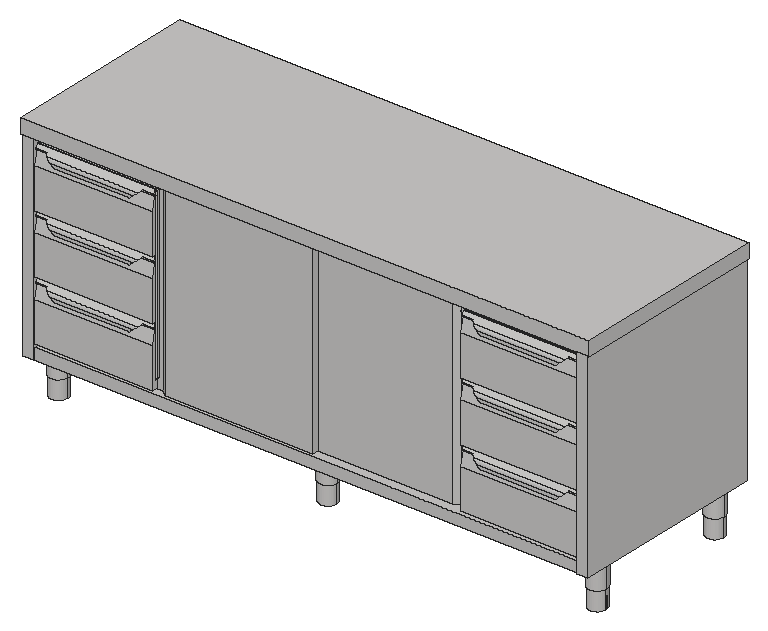
Revit family "QF_ZANUSSI_133265_MTA2000PN", category Attrezzature speciali, Revit 2020
Family settings
  Quota connettore circolare = Usa diametro
  Tipo di parte = Normale
  Basato su piano di lavoro = No
  Sempre verticale = Sì
  Taglio con vuoti quando caricato = No
  Condiviso = No
  Punto di calcolo locali = No
Parameters (values of type "Standard")
  Weight = 85.00 kg
  Watts = 0 W
  Volts = 0 V
  URL Manufacturer = "http://www.zanussiprofessional.com"
  URL = "http://www.zanussiprofessional.com"
  Steam Supply Size = 0 mm
  Steam Supply Minimum Pressure = 0.0 Pa
  Steam Supply Maximum Pressure = 0.0 Pa
  Steam Consumption per Hour = 0
  Refrigeration Suction Line Size = 0.0 mm
  Refrigeration Liquid Line Size = 0.0 mm
  Refrigerant Compressor Remote = yes
  Prospetto di default = 0.0 mm
  Phase = 0
  Modello = "MTA2000PN"
  Produttore = "Zanussi"
  Length Actual = 2000.0 mm  # constant formula
  Item Number = "133265"
  Hot Water Size = 0 mm
  Height Actual = 900.0 mm  # constant formula
  HP = "0 HP"
  Gas Size = 0 mm
  Gas KW = 0
  Gas Input Pressure = 0 W
  Direct Waste Size = 0 mm
  Descrizione = "TABLE W/ 3+3 DRAWERS+2 SLIDING D. 2000MM"
  Depth Actual = 700.0 mm  # constant formula
  Cycle = 0 Hz
  Condensate Return Size = 0 mm
  Compressed Air Volume = 0.0 L/s
  Compressed Air Size = 0 mm
  Compressed Air Pressure = 0.0 Pa
  Cold Water Size = 0 mm
  Accessory = yes
Reference planes
  plane 1 "Center (Front/Back)": y = 0
  plane 2: z = 0
  plane 3 "BACK": y = 350
  plane 4 "FRONT": y = -350
  plane 5 "TOP": z = 900
  plane 6: y = 270
  plane 7: y = -247
  plane 8 "FEET": z = 150
  plane 9: y = -344.5
  plane 10 "BaseTop": z = 850
  plane 11: y = 344.5
  plane 12 "Center (Left/Right)": x = -409
  plane 13 "Right": x = 591
  plane 14 "Left": x = -1409
  plane 15: x = 130
  plane 16: x = -1363
  plane 17: x = 547.5
  plane 18: x = -944.5
  plane 19: x = -942
  plane 20: x = -1365.5
  plane 21: x = -1356
  plane 22: x = -1403.5
  plane 23: x = 585.5
  plane 24: x = 547.5
  plane 25: x = 545
  plane 26: x = -433.5
  plane 27: x = -384.5
  plane 28: x = 538
Forms (mm)
  Extrusion 1, solid, material "QF_Finishes_Stainless Steel"
    sketch origin (-400, 0, 150) x (1, 0, 0) y (0, 1, 0)
      loop
        line (985.5, 350) -> (947.5, 350) -> (947.5, -350) -> (985.5, -350) -> (985.5, 350)
      loop
        line (-965.4, 350) -> (-1003.5, 350) -> (-1003.5, -344.5) -> (-965.4, -344.5) -> (-965.4, 350)
    from 0 to 700
  Extrusion 2, solid, material "QF_Finishes_Stainless Steel"
    sketch origin (-400, 0, 150) x (1, 0, 0) y (0, 1, 0)
      loop
        line (947.5, 347) -> (-965.5, 347) -> (-965.5, -344.5) -> (947.5, -344.5) -> (947.5, 347)
    from 0 to 40
  Extrusion 3, void
    sketch origin (-400, -350, 0) x (1, 0, 0) y (0, 0, -1)
      loop
        line (525.418, -247.973) -> (538, -247.124) -> (538, -191.4) -> (525.418, -191.4) -> (525.418, -247.973)
      loop
        line (512.302, -816.058) -> (512.302, -850) -> (523, -850) -> (523, -816.825) -> (512.302, -816.058)
    from 20.5 to 40.5
  Extrusion 4, solid, material "QF_Finishes_Stainless Steel"
    sketch origin (-400, 0, 150) x (1, 0, 0) y (0, 1, 0)
      loop
        line (-965.5, 350) -> (-965.5, 327) -> (947.5, 327) -> (947.5, 350) -> (-965.5, 350)
    from 700 to 40
  Extrusion 5, solid, material "QF_Finishes_Stainless Steel"
    sketch origin (-406, 0, 0) x (0, 1, 0) y (0, 0, -1)
      loop
        line (-350, -900) -> (350, -900) -> (350, -850) -> (-350, -850) -> (-350, -900)
    from 1003 to -997
  Extrusion 6, solid, material "QF_Finishes_Stainless Steel"
    sketch origin (447, -20, 150) x (-1, 0, 0) y (0, -1, 0)
      loop
        line (831.5, 324.5) -> (831.5, 304.5) -> (1389, 304.5) -> (1389, 319.071) -> (1381.942, 326.129) -> (1380.312, 324.5) -> (1387, 317.812) -> (1387, 309.5) -> (1370.034, 309.5) -> (1350.034, 324.5) -> (831.5, 324.5)
    from 700 to 50
  Extrusion 7, void
    sketch origin (414, -350, 0) x (-1, 0, 0) y (0, 0, 1)
      loop
        line (1346.418, 247.973) -> (1346.418, 191.4) -> (1358.5, 191.4) -> (1358.5, 229.369) -> (1346.418, 247.973)
      loop
        line (1346.418, 816.627) -> (1358.5, 835.231) -> (1358.5, 850) -> (1346.418, 850) -> (1346.418, 816.627)
    from 2.49 to 20.5
  Extrusion 8, solid, material "QF_Finishes_Stainless Steel"
    sketch origin (0, 0, 850) x (-1, 0, 0) y (0, -1, 0)
      loop
        line (-547.5, 304.5) -> (-547.5, 299.5) -> (-130, 299.5) -> (-130, 304.5) -> (-547.5, 304.5)
    from 0 to -2
  Extrusion 9, solid, material "QF_Finishes_Stainless Steel"
    sketch origin (-1266, 0, 150) x (1, 0, 0) y (0, 1, 0)
      loop
        line (831.5, -324.5) -> (1357.034, -324.5) -> (1377.034, -309.5) -> (1394, -309.5) -> (1394, -317.812) -> (1387.312, -324.5) -> (1388.942, -326.129) -> (1396, -319.071) -> (1396, -304.5) -> (831.5, -304.5) -> (831.5, -324.5)
    from 700 to 50
Cuts and joins
  Extrusion 3 cuts Extrusion 1
  Extrusion 3 cuts Extrusion 5
  Extrusion 7 cuts Extrusion 6
  Extrusion 3 cuts Extrusion 9
Lines and regions (mm)
  symbolic lines, style "SpecialityEquipment"
    curve 1: line (-1409, 350, 850) -> (591, 350, 850)
    curve 2: line (-1409, -350, 850) -> (-1409, 350, 850)
    curve 3: line (591, -350, 850) -> (-1409, -350, 850)
    curve 4: line (591, 350, 850) -> (591, -350, 850)
    curve 6: line (-1409, 337, 850) -> (591, 337, 850)
  symbolic lines, style "SpecialityEquipmentHiddenLines"
    curve 5: line (-384.5, -324.5, 200) -> (-384.5, -344.5, 200)
    curve 7: line (130, -304.5, 850) -> (-433.5, -304.5, 850)
    curve 8: line (-433.5, -304.5, 850) -> (-433.5, -324.5, 850)
    curve 9: line (-942, -324.5, 850) -> (91.034, -324.5, 850)
    curve 10: line (91.034, -324.5, 850) -> (111.034, -309.5, 850)
    curve 11: line (111.034, -309.5, 850) -> (130, -309.5, 850)
    curve 12: line (130, -309.5, 850) -> (130, -304.5, 850)
    curve 13: line (-903.034, -344.5, 850) -> (-923.034, -329.5, 850)
    curve 14: line (-923.034, -329.5, 850) -> (-942, -329.5, 850)
    curve 15: line (-942, -329.5, 850) -> (-942, -324.5, 850)
Dimensions and locks
  plane 3 "BACK" to plane 4 "FRONT" = 700.0 mm
  equal spacing: plane 3 "BACK", plane 1 "Center (Front/Back)", plane 4 "FRONT"
  locked: plane 8 "FEET" to level at 150
  locked: plane 3 "BACK" to plane 6 at 80
  locked: plane 7 to plane 4 "FRONT" at 103
  plane 9 to plane 4 "FRONT" = 5.5 mm  (x2)
  plane 3 "BACK" to plane 11 = 5.5 mm
  locked: plane 5 "TOP" to level at 900
  plane 19 to plane 18 = 2.5 mm
  locked: plane 15 to plane 19 at 1072
  locked: plane 13 "Right" to plane 14 "Left" at 2000
  locked: plane 22 to plane 14 "Left" at 5.5
  locked: plane 20 to plane 22 at 38
  locked: plane 16 to plane 20 at 2.5
  locked: plane 22 to plane 21 at 47.5
  locked: plane 23 to plane 13 "Right" at 5.5
  locked: plane 24 to plane 23 at 38
  plane 25 to plane 24 = 2.5 mm
  equal spacing: plane 14 "Left", plane 12 "Center (Left/Right)", plane 13 "Right"
  plane 26 to plane 27 = 49.0 mm
  equal spacing: plane 26, plane 12 "Center (Left/Right)", plane 27
  plane 28 to plane 23 = 47.5 mm
  aligned and locked: level to plane 2
  aligned and locked: plane 17 to Extrusion 2
  aligned and locked: nested 4 to nested 2
  aligned and locked: plane 17 to Extrusion 4
  aligned and locked: plane 13 "Right" to Extrusion 5
  aligned and locked: Extrusion 5 to plane 14 "Left"
  aligned and locked: plane 20 to Extrusion 2 sketch curve
  aligned and locked: nested 3 to nested 1
  aligned and locked: nested 2 to plane 21
  aligned and locked: nested 6 to nested 5
  aligned and locked: plane 20 to Extrusion 4
  aligned and locked: nested 7 to plane 16
  aligned and locked: Extrusion 1 sketch curve to plane 23
  aligned and locked: plane 24 to Extrusion 1 sketch curve
  aligned and locked: plane 27 to cut or joined group of Extrusion 6, Extrusion 7
  aligned and locked: curve 8 to plane 26
  aligned and locked: curve 5 to plane 27
  aligned and locked: nested 5 to plane 12 "Center (Left/Right)"
  aligned and locked: nested 1 to plane 28
Automatic sketch dimensions
  curve 5 to plane 9 = 0.0 mm
  plane 9 to curve 5 = 20.0 mm
  Extrusion 1 sketch curve to plane 9 = 0.0 mm
  Extrusion 1 sketch curve to plane 22 = 0.0 mm
  Extrusion 1 sketch curve to plane 3 "BACK" = 0.0 mm  (x2)
  Extrusion 1 sketch curve to plane 4 "FRONT" = 0.0 mm
  plane 20 to Extrusion 1 sketch curve = 0.1 mm
  Extrusion 2 sketch curve to plane 9 = 0.0 mm
  Extrusion 2 sketch curve to plane 17 = 0.0 mm
  plane 11 to Extrusion 2 sketch curve = 2.5 mm
  Extrusion 3 sketch curve to plane 10 "BaseTop" = 0.0 mm
  Extrusion 3 sketch curve to plane 15 = 8.0 mm
  plane 15 to Extrusion 3 sketch curve = 7.0 mm
  Extrusion 3 sketch curve to Extrusion 3 sketch curve = 33.175 mm
  Extrusion 3 sketch curve to Extrusion 3 sketch curve = 0.767 mm
  plane 8 "FEET" to Extrusion 3 sketch curve = 97.973 mm
  Extrusion 3 sketch curve to Extrusion 3 sketch curve = 0.849 mm
  plane 8 "FEET" to Extrusion 3 sketch curve = 41.4 mm
  Extrusion 4 sketch curve to plane 3 "BACK" = 0.0 mm
  Extrusion 4 sketch curve to plane 20 = 0.0 mm
  Extrusion 4 sketch curve to plane 17 = 0.0 mm
  Extrusion 4 sketch curve to plane 11 = 17.5 mm
  Extrusion 5 sketch curve to plane 4 "FRONT" = 0.0 mm
  Extrusion 5 sketch curve to plane 3 "BACK" = 0.0 mm
  Extrusion 5 sketch curve to plane 10 "BaseTop" = 0.0 mm
  Extrusion 6 sketch curve to plane 27 = 0.0 mm
  Extrusion 6 sketch curve to plane 9 = 0.0 mm  (x2)
  Extrusion 6 sketch curve to plane 19 = 0.0 mm
  Extrusion 6 sketch curve to plane 19 = 38.966 mm
  Extrusion 6 sketch curve to plane 19 = 18.966 mm
  Extrusion 6 sketch curve to plane 19 = 8.688 mm
  Extrusion 6 sketch curve to plane 9 = 1.629 mm
  Extrusion 6 sketch curve to Extrusion 6 sketch curve = 1.629 mm
  Extrusion 6 sketch curve to plane 19 = 2.0 mm
  plane 9 to Extrusion 6 sketch curve = 15.0 mm
  Extrusion 6 sketch curve to Extrusion 6 sketch curve = 5.0 mm
  Extrusion 7 sketch curve to plane 10 "BaseTop" = 0.0 mm
  plane 18 to Extrusion 7 sketch curve = 0.0 mm  (x2)
  Extrusion 7 sketch curve to plane 19 = 9.582 mm  (x2)
  Extrusion 7 sketch curve to Extrusion 7 sketch curve = 14.769 mm
  Extrusion 7 sketch curve to Extrusion 7 sketch curve = 18.604 mm  (x2)
  plane 8 "FEET" to Extrusion 7 sketch curve = 97.973 mm
  Extrusion 7 sketch curve to Extrusion 7 sketch curve = 37.969 mm
  Extrusion 8 sketch curve to plane 15 = 0.0 mm
  plane 17 to Extrusion 8 sketch curve = 0.0 mm
  plane 9 to Extrusion 8 sketch curve = 45.0 mm
  Extrusion 8 sketch curve to Extrusion 8 sketch curve = 5.0 mm
  Extrusion 9 sketch curve to plane 26 = 1.0 mm
  plane 9 to Extrusion 9 sketch curve = 20.0 mm  (x2)
  plane 9 to Extrusion 9 sketch curve = 18.371 mm
  Extrusion 9 sketch curve to Extrusion 9 sketch curve = 1.629 mm
  Extrusion 9 sketch curve to Extrusion 9 sketch curve = 8.312 mm
  plane 9 to Extrusion 9 sketch curve = 40.0 mm
  curve 4 to plane 3 "BACK" = 0.0 mm
  curve 4 to plane 13 "Right" = 0.0 mm
  curve 13 to plane 9 = 0.0 mm
  curve 14 to plane 19 = 0.0 mm
  curve 3 to plane 4 "FRONT" = 0.0 mm
  curve 3 to plane 14 "Left" = 0.0 mm
  curve 11 to curve 11 = 18.966 mm
  curve 10 to curve 9 = 20.0 mm
  curve 13 to curve 14 = 18.966 mm
  plane 9 to curve 7 = 40.0 mm
  curve 7 to curve 11 = 5.0 mm
  plane 9 to curve 9 = 20.0 mm
  curve 9 to curve 15 = 5.0 mm
  curve 13 to curve 13 = 20.0 mm
  curve 6 to plane 11 = 7.5 mm
  curve 11 to plane 15 = 0.0 mm
  Extrusion 3 sketch curve to Extrusion 3 sketch curve = 10.698 mm
  plane 15 to Extrusion 3 sketch curve = 4.582 mm
  Extrusion 9 sketch curve to plane 15 = 0.0 mm
  plane 15 to Extrusion 9 sketch curve = 38.966 mm
  plane 15 to Extrusion 9 sketch curve = 18.966 mm
  plane 15 to Extrusion 9 sketch curve = 8.688 mm
  plane 15 to Extrusion 9 sketch curve = 2.0 mm
  Extrusion 5 sketch curve to plane 5 "TOP" = 0.0 mm
Nested families
  nested 1: "FEET_D60-150" at (538, -247, 0) x (-1, 0, 0) z (0, 0, 1), type "FEET_D60-150"
  nested 2: "FEET_D60-150" at (-1356, -247, 0) x (-1, 0, 0) z (0, 0, 1), type "FEET_D60-150"
  nested 3: "FEET_D60-150" at (538, 270, 0) x (-1, 0, 0) z (0, 0, 1), type "FEET_D60-150"
  nested 4: "FEET_D60-150" at (-1356, 270, 0) x (-1, 0, 0) z (0, 0, 1), type "FEET_D60-150"
  nested 5: "FEET_D60-150" at (-409, -247, 0) x (-1, 0, 0) z (0, 0, 1), type "FEET_D60-150"
  nested 6: "FEET_D60-150" at (-409, 270, 0) x (-1, 0, 0) z (0, 0, 1), type "FEET_D60-150"
  nested 7: "H637_600_3DRAWERS" at (-1119.458, -304.5, 152) x (-1, 0, 0) z (0, -1, 0), type "H637_600_3DRAWERS"
    with Show Clearance yes
  nested 8: "H637_600_3DRAWERS" at (307.458, -304.5, 152) x (1, 0, 0) z (0, -1, 0), type "H637_600_3DRAWERS"
    with Show Clearance yes
Definition of nested family "FEET_D60-150"
  Parameters
    Default Elevation = 0.0 mm
    FEET = 150.0 mm
  Reference planes
    plane 1 "Center (Front/Back)": y = 0
    plane 2: z = 0
    plane 3 "Center (Left/Right)": x = 0
    plane 4: z = 150
  Forms (mm)
    Extrusion 1, solid
      sketch origin (0, 0, 0) x (1, 0, 0) y (0, 1, 0)
        loop
          circle (0, 0) r 28
      from 0 to 67
    Revolve 2, solid
      sketch origin (0, 0, 0) x (1, 0, 0) y (0, 0, 1)
        loop
          line (0, 0) -> (0, 150) -> (-32.939, 150) -> (-32.939, 67) -> (-30, 67) -> (-30, 0) -> (0, 0)
        axis (0, 150) -> (0, 0)
      angle from 0 to 360
  Lines and regions (mm)
    symbolic lines
      curve 1: line (0, -1.503, 0) -> (0, 1.508, 0)
      curve 2: line (1.561, 0, 0) -> (-1.439, 0, 0)
  Dimensions and locks
    "FEET": plane 4 to plane 2
    aligned and locked: level to plane 2
  Automatic sketch dimensions
    plane 1 "Center (Front/Back)" to Extrusion 1 sketch curve = 0.0 mm
    Extrusion 1 sketch curve to plane 3 "Center (Left/Right)" = 0.0 mm
    plane 1 "Center (Front/Back)" to curve 2 = 0.0 mm
    curve 1 to plane 3 "Center (Left/Right)" = 0.0 mm
    curve 2 to plane 3 "Center (Left/Right)" = 1.439 mm
    plane 3 "Center (Left/Right)" to curve 2 = 1.561 mm
    plane 1 "Center (Front/Back)" to curve 1 = 1.503 mm
    curve 1 to plane 1 "Center (Front/Back)" = 1.508 mm
    Revolve 2 sketch curve to plane 4 = 0.0 mm
    Revolve 2 sketch curve to level = 0.0 mm
    Revolve 2 sketch curve to plane 3 "Center (Left/Right)" = 0.0 mm  (x2)
    Revolve 2 sketch curve to plane 3 "Center (Left/Right)" = 30.0 mm
    Revolve 2 sketch curve to plane 3 "Center (Left/Right)" = 32.939 mm
    level to Revolve 2 sketch curve = 67.0 mm
    Revolve 2 sketch curve to level = 42.207 mm
    Revolve 2 sketch curve to Revolve 2 sketch curve = 10.0 mm
    radius of Extrusion 1 sketch curve = 28.0 mm
Definition of nested family "H637_600_3DRAWERS"
  Parameters
    Width = 419.0 mm
    Show Clearance [instance] = yes
    Model = "727995"
    Height = 700.0 mm
    Default Elevation = 0.0 mm
  Reference planes
    plane 1 "Center (Front/Back)": y = 0
    plane 2: z = 0
    plane 3 "Center (Left/Right)": x = 36.042
    plane 4 "panel": z = 25
    plane 5 "Left": x = -173.458
    plane 6 "Right": x = 245.542
    plane 7: y = 700
    plane 8: z = 45
    plane 9: x = 243.542
    plane 10: x = -171.458
    plane 11: y = 676
    plane 12: y = 38
    plane 13: z = 499.734
    plane 14: y = 470
    plane 15: y = 465
    plane 16: y = 259
    plane 17: y = 254
    plane 18: y = 48
  Forms (mm)
    Extrusion 1, solid
      sketch origin (0, -919.2, 0) x (1, 0, 0) y (0, 1, 0)
        loop
          line (-980.5, 2119.2) -> (-980.5, -162.846) -> (881.94, -162.846) -> (881.94, 2119.2) -> (-980.5, 2119.2)
      from 0 to -59.546
    Extrusion 2, solid
      sketch origin (36.042, -645.693, 0) x (0, 1, 0) y (0, 0, 1)
        loop
          line (856.63, 49.734) -> (856.63, 47.734) -> (866.98, 47.734)
          arc (866.98, 47.734) -> (873.586, 46.42) -> (879.186, 42.679) r 17.261
          line (879.186, 42.679) -> (896.019, 25.845) -> (899.693, 25) -> (880.6, 44.093)
          arc (880.6, 44.093) -> (874.351, 48.268) -> (866.98, 49.734) r 19.261
          line (866.98, 49.734) -> (856.63, 49.734)
      from -207.5 to 207.5
    Extrusion 3, solid, detail levels coarse
      sketch origin (0, 0, 0) x (1, 0, 0) y (0, 0, 1)
        loop
          line (-171.458, 40) -> (243.542, 40) -> (243.542, 499.734) -> (-171.458, 499.734) -> (-171.458, 40)
      from -48 to -254
    Extrusion 4, solid
      sketch origin (36.042, -616, 0) x (0, 1, 0) y (0, 0, 1)
        loop
          line (664.4, 40) -> (664.4, 0) -> (870, 0) -> (870, 25) -> (804.797, 40) -> (664.4, 40)
      from 207.5 to -207.5
    Extrusion 5, void
      sketch origin (0, 0, 0) x (1, 0, 0) y (0, 1, 0)
        loop
          line (-99.744, 213.799) -> (-133.705, 243.322) -> (-166.458, 243.322)
          arc (-166.458, 243.322) -> (-169.994, 244.786) -> (-171.458, 248.322) r 5
          line (-171.458, 248.322) -> (-171.458, 210.937) -> (-91.403, 210.937)
          arc (-91.403, 210.937) -> (-95.762, 211.819) -> (-99.744, 213.799) r 17.035
      from 36.678 to 53.74
    Extrusion 6, void
      sketch origin (72.084, 0, 0) x (-1, 0, 0) y (0, -1, 0)
        loop
          arc (-99.744, -213.799) -> (-95.762, -211.819) -> (-91.403, -210.937) r 17.035
          line (-91.403, -210.937) -> (-171.458, -210.937) -> (-171.458, -248.322)
          arc (-171.458, -248.322) -> (-169.994, -244.786) -> (-166.458, -243.322) r 5
          line (-166.458, -243.322) -> (-133.705, -243.322) -> (-99.744, -213.799)
      from 36.678 to 53.74
    Extrusion 7, solid
      sketch origin (36.042, -434.693, 0) x (0, 1, 0) y (0, 0, 1)
        loop
          line (856.63, 49.734) -> (856.63, 47.734) -> (866.98, 47.734)
          arc (866.98, 47.734) -> (873.586, 46.42) -> (879.186, 42.679) r 17.261
          line (879.186, 42.679) -> (896.019, 25.845) -> (899.693, 25) -> (880.6, 44.093)
          arc (880.6, 44.093) -> (874.351, 48.268) -> (866.98, 49.734) r 19.261
          line (866.98, 49.734) -> (856.63, 49.734)
      from -207.5 to 207.5
    Extrusion 8, solid
      sketch origin (36.042, -405, 0) x (0, 1, 0) y (0, 0, 1)
        loop
          line (664, 40) -> (664, 0) -> (870, 0) -> (870, 25) -> (804.797, 40) -> (664, 40)
      from 207.5 to -207.5
    Extrusion 9, void
      sketch origin (0, 211, 0) x (1, 0, 0) y (0, 1, 0)
        loop
          line (-99.744, 213.799) -> (-133.705, 243.322) -> (-166.458, 243.322)
          arc (-166.458, 243.322) -> (-169.994, 244.786) -> (-171.458, 248.322) r 5
          line (-171.458, 248.322) -> (-171.458, 210.937) -> (-91.403, 210.937)
          arc (-91.403, 210.937) -> (-95.762, 211.819) -> (-99.744, 213.799) r 17.035
      from 36.678 to 53.74
    Extrusion 10, void
      sketch origin (72.084, 211, 0) x (-1, 0, 0) y (0, -1, 0)
        loop
          arc (-99.744, -213.799) -> (-95.762, -211.819) -> (-91.403, -210.937) r 17.035
          line (-91.403, -210.937) -> (-171.458, -210.937) -> (-171.458, -248.322)
          arc (-171.458, -248.322) -> (-169.994, -244.786) -> (-166.458, -243.322) r 5
          line (-166.458, -243.322) -> (-133.705, -243.322) -> (-99.744, -213.799)
      from 36.678 to 53.74
    Extrusion 11, solid
      sketch origin (36.042, -223.693, 0) x (0, 1, 0) y (0, 0, 1)
        loop
          line (856.63, 49.734) -> (856.63, 47.734) -> (866.98, 47.734)
          arc (866.98, 47.734) -> (873.586, 46.42) -> (879.186, 42.679) r 17.261
          line (879.186, 42.679) -> (896.019, 25.845) -> (899.693, 25) -> (880.6, 44.093)
          arc (880.6, 44.093) -> (874.351, 48.268) -> (866.98, 49.734) r 19.261
          line (866.98, 49.734) -> (856.63, 49.734)
      from -207.5 to 207.5
    Extrusion 12, solid
      sketch origin (36.042, -194, 0) x (0, 1, 0) y (0, 0, 1)
        loop
          line (664, 40) -> (664, 0) -> (870, 0) -> (870, 25) -> (804.797, 40) -> (664, 40)
      from 207.5 to -207.5
    Extrusion 13, void
      sketch origin (0, 422, 0) x (1, 0, 0) y (0, 1, 0)
        loop
          line (-99.744, 213.799) -> (-133.705, 243.322) -> (-166.458, 243.322)
          arc (-166.458, 243.322) -> (-169.994, 244.786) -> (-171.458, 248.322) r 5
          line (-171.458, 248.322) -> (-171.458, 210.937) -> (-91.403, 210.937)
          arc (-91.403, 210.937) -> (-95.762, 211.819) -> (-99.744, 213.799) r 17.035
      from 36.678 to 53.74
    Extrusion 14, void
      sketch origin (72.084, 422, 0) x (-1, 0, 0) y (0, -1, 0)
        loop
          arc (-99.744, -213.799) -> (-95.762, -211.819) -> (-91.403, -210.937) r 17.035
          line (-91.403, -210.937) -> (-171.458, -210.937) -> (-171.458, -248.322)
          arc (-171.458, -248.322) -> (-169.994, -244.786) -> (-166.458, -243.322) r 5
          line (-166.458, -243.322) -> (-133.705, -243.322) -> (-99.744, -213.799)
      from 36.678 to 53.74
    Extrusion 15, solid, detail levels coarse
      sketch origin (0, 0, 0) x (1, 0, 0) y (0, 0, 1)
        loop
          line (-171.458, 40) -> (243.542, 40) -> (243.542, 499.734) -> (-171.458, 499.734) -> (-171.458, 40)
      from -259 to -465
    Extrusion 16, solid, detail levels coarse
      sketch origin (0, 0, 0) x (1, 0, 0) y (0, 0, 1)
        loop
          line (-171.458, 40) -> (243.542, 40) -> (243.542, 499.734) -> (-171.458, 499.734) -> (-171.458, 40)
      from -470 to -676
  Cuts and joins
    Extrusion 5, Extrusion 6, Extrusion 9, Extrusion 10 cuts Extrusion 2
    Extrusion 5 cuts Extrusion 4
    Extrusion 9, Extrusion 10, Extrusion 13, Extrusion 14 cuts Extrusion 7
    Extrusion 13, Extrusion 14 cuts Extrusion 11
  Lines and regions (mm)
    symbolic lines
      curve 1: line (243.542, 0, 179.734) -> (243.542, 0, 199.734)
      curve 2: line (212.235, 0, 49.734) -> (-171.458, 0, 49.734)
      curve 3: spline (231.959, 0, 44.389) -> (230.421, 0, 45.265) -> (228.856, 0, 46.066) -> (227.265, 0, 46.791) -> (225.651, 0, 47.437) -> (224.017, 0, 48.005) -> (222.365, 0, 48.493) -> (220.698, 0, 48.9) -> (219.019, 0, 49.226) -> (217.331, 0, 49.471) -> (215.636, 0, 49.633) -> (213.936, 0, 49.712) -> (212.236, 0, 49.71)
      curve 4: line (238.456, 0, 40) -> (231.959, 0, 44.389)
      curve 5: line (243.542, 0, 500) -> (-171.458, 0, 500)
      curve 6: line (243.542, 0, 349.734) -> (-171.458, 0, 349.734)
      curve 7: line (243.542, 0, 199.734) -> (-171.458, 0, 199.734)
      curve 8: line (243.542, 0, 480) -> (-171.458, 0, 480)
      curve 9: line (243.542, 0, 329.734) -> (-171.458, 0, 329.734)
      curve 10: line (243.542, 0, 179.734) -> (-171.458, 0, 179.734)
      curve 11: line (-156.458, 0, 49.734) -> (-156.458, 0, 179.734)
      curve 12: line (-156.458, 0, 349.734) -> (-156.458, 0, 480)
      curve 13: line (-156.458, 0, 199.734) -> (-156.458, 0, 329.734)
      curve 14: line (228.542, 0, 49.734) -> (228.542, 0, 179.734)
      curve 15: line (228.542, 0, 349.734) -> (228.542, 0, 480)
      curve 16: line (228.542, 0, 199.734) -> (228.542, 0, 329.734)
      curve 17: line (243.542, 0, 480) -> (243.542, 0, 500)
      curve 18: line (243.542, 0, 329.734) -> (243.542, 0, 349.734)
      curve 19: line (-171.458, 0, 179.734) -> (-171.458, 0, 199.734)
      curve 20: line (-171.458, 0, 480) -> (-171.458, 0, 500)
      curve 21: line (-171.458, 0, 329.734) -> (-171.458, 0, 349.734)
  Dimensions and locks
    plane 4 "panel" to level = 25.0 mm
    "Width": plane 5 "Left" to plane 6 "Right"
    equal spacing: plane 5 "Left", plane 3 "Center (Left/Right)", plane 6 "Right"
    "Height": plane 1 "Center (Front/Back)" to plane 7
    plane 9 to plane 6 "Right" = 2.0 mm
    plane 5 "Left" to plane 10 = 2.0 mm
    plane 7 to plane 11 = 24.0 mm
    plane 1 "Center (Front/Back)" to plane 12 = 38.0 mm
    plane 10 to plane 9 = 415.0 mm
    plane 11 to plane 14 = 206.0 mm
    locked: plane 14 to plane 15 at 5
    plane 15 to plane 16 = 206.0 mm
    locked: plane 16 to plane 17 at 5
    plane 17 to plane 18 = 206.0 mm  (x2)
    plane 16 to plane 17 = 5.0 mm
    plane 14 to plane 15 = 5.0 mm
    plane 16 to plane 15 = 206.0 mm
    plane 14 to plane 11 = 206.0 mm
    aligned and locked: plane 2 to Extrusion 1
    aligned and locked: level to Extrusion 1
    aligned and locked: plane 9 to Extrusion 4
    aligned and locked: plane 10 to Extrusion 4
  Automatic sketch dimensions
    Extrusion 1 sketch curve to Extrusion 1 sketch curve = 1862.44 mm
    Extrusion 1 sketch curve to Extrusion 1 sketch curve = 2282.046 mm
    Extrusion 2 sketch curve to Extrusion 2 sketch curve = 0.0 mm  (x2)
    Extrusion 2 sketch curve to plane 4 "panel" = 0.0 mm
    Extrusion 2 sketch curve to plane 17 = 0.0 mm
    plane 4 "panel" to Extrusion 2 sketch curve = 0.845 mm
    Extrusion 2 sketch curve to plane 17 = 3.674 mm
    Extrusion 2 sketch curve to plane 8 = 0.907 mm
    Extrusion 2 sketch curve to plane 17 = 19.093 mm
    Extrusion 2 sketch curve to plane 8 = 2.321 mm
    Extrusion 2 sketch curve to Extrusion 2 sketch curve = 1.414 mm
    plane 4 "panel" to Extrusion 2 sketch curve = 5.474 mm
    Extrusion 2 sketch curve to Extrusion 2 sketch curve = 12.205 mm
    Extrusion 2 sketch curve to Extrusion 2 sketch curve = 10.351 mm
    Extrusion 4 sketch curve to level = 0.0 mm
    Extrusion 4 sketch curve to plane 4 "panel" = 0.0 mm
    Extrusion 4 sketch curve to plane 17 = 0.0 mm
    Extrusion 4 sketch curve to plane 8 = 5.0 mm
    Extrusion 4 sketch curve to plane 17 = 65.203 mm
    plane 18 to Extrusion 4 sketch curve = 0.4 mm
    Extrusion 7 sketch curve to Extrusion 7 sketch curve = 0.0 mm  (x2)
    Extrusion 7 sketch curve to plane 4 "panel" = 0.0 mm
    Extrusion 7 sketch curve to plane 15 = 0.0 mm
    plane 4 "panel" to Extrusion 7 sketch curve = 0.845 mm
    Extrusion 7 sketch curve to plane 15 = 3.674 mm
    Extrusion 7 sketch curve to plane 8 = 0.907 mm
    Extrusion 7 sketch curve to plane 15 = 19.093 mm
    Extrusion 7 sketch curve to plane 8 = 2.321 mm
    Extrusion 7 sketch curve to Extrusion 7 sketch curve = 1.414 mm
    plane 4 "panel" to Extrusion 7 sketch curve = 5.474 mm
    Extrusion 7 sketch curve to Extrusion 7 sketch curve = 12.205 mm
    Extrusion 7 sketch curve to Extrusion 7 sketch curve = 10.351 mm
    Extrusion 8 sketch curve to plane 16 = 0.0 mm
    Extrusion 8 sketch curve to plane 4 "panel" = 0.0 mm
    Extrusion 8 sketch curve to plane 15 = 0.0 mm
    Extrusion 8 sketch curve to level = 0.0 mm
    Extrusion 8 sketch curve to plane 8 = 5.0 mm
    Extrusion 8 sketch curve to plane 15 = 65.203 mm
    Extrusion 11 sketch curve to Extrusion 11 sketch curve = 0.0 mm  (x2)
    Extrusion 11 sketch curve to plane 4 "panel" = 0.0 mm
    Extrusion 11 sketch curve to plane 11 = 0.0 mm
    plane 4 "panel" to Extrusion 11 sketch curve = 0.845 mm
    Extrusion 11 sketch curve to plane 11 = 3.674 mm
    Extrusion 11 sketch curve to plane 8 = 0.907 mm
    Extrusion 11 sketch curve to plane 11 = 19.093 mm
    Extrusion 11 sketch curve to plane 8 = 2.321 mm
    Extrusion 11 sketch curve to Extrusion 11 sketch curve = 1.414 mm
    plane 4 "panel" to Extrusion 11 sketch curve = 5.474 mm
    Extrusion 11 sketch curve to Extrusion 11 sketch curve = 12.205 mm
    Extrusion 11 sketch curve to Extrusion 11 sketch curve = 10.351 mm
    Extrusion 12 sketch curve to plane 14 = 0.0 mm
    Extrusion 12 sketch curve to plane 4 "panel" = 0.0 mm
    Extrusion 12 sketch curve to plane 11 = 0.0 mm
    Extrusion 12 sketch curve to level = 0.0 mm
    Extrusion 12 sketch curve to plane 8 = 5.0 mm
    Extrusion 12 sketch curve to plane 11 = 65.203 mm
    plane 10 to curve 21 = 0.0 mm
    plane 10 to curve 20 = 0.0 mm
    plane 10 to curve 2 = 0.0 mm
    plane 10 to curve 19 = 0.0 mm
    curve 6 to plane 9 = 0.0 mm
    curve 7 to plane 9 = 0.0 mm
    curve 17 to plane 9 = 0.0 mm
    curve 4 to plane 8 = 0.611 mm
    curve 4 to plane 9 = 11.583 mm
    plane 8 to curve 19 = 134.734 mm
    curve 19 to curve 19 = 20.0 mm
    curve 1 to curve 18 = 130.0 mm
    curve 9 to curve 18 = 20.0 mm
    plane 13 to curve 17 = 19.734 mm
    curve 20 to plane 13 = 0.266 mm
    plane 8 to curve 11 = 4.734 mm
    curve 11 to plane 10 = 15.0 mm
    curve 21 to curve 12 = 15.0 mm
    curve 19 to curve 13 = 15.0 mm
    curve 2 to curve 3 = 19.723 mm
    curve 2 to curve 3 = 0.0 mm
    curve 3 to level = 1.281 mm
    curve 3 to plane 6 "Right" = 32.398 mm
    curve 15 to curve 6 = 15.0 mm
    curve 14 to curve 1 = 15.0 mm
    curve 16 to curve 1 = 15.0 mm
    curve 4 to plane 9 = 5.086 mm
    curve 4 to plane 8 = 5.0 mm
    curve 3 to curve 2 = 0.025 mm
    plane 8 to curve 14 = 4.734 mm
    plane 10 to Extrusion 3 sketch curve = 0.0 mm
    Extrusion 3 sketch curve to plane 9 = 0.0 mm
    Extrusion 3 sketch curve to plane 13 = 0.0 mm
    Extrusion 3 sketch curve to plane 8 = 5.0 mm
    Extrusion 5 sketch curve to plane 10 = 0.0 mm
    Extrusion 5 sketch curve to plane 10 = 5.0 mm
    Extrusion 5 sketch curve to plane 17 = 10.678 mm
    Extrusion 5 sketch curve to Extrusion 5 sketch curve = 32.753 mm
    Extrusion 5 sketch curve to Extrusion 5 sketch curve = 33.961 mm
    Extrusion 5 sketch curve to Extrusion 5 sketch curve = 8.34 mm
    Extrusion 5 sketch curve to Extrusion 5 sketch curve = 9.511 mm
    Extrusion 5 sketch curve to plane 17 = 26.068 mm
    Extrusion 5 sketch curve to Extrusion 5 sketch curve = 14.132 mm
    Extrusion 6 sketch curve to plane 9 = 0.0 mm
    plane 9 to Extrusion 6 sketch curve = 5.0 mm
    plane 17 to Extrusion 6 sketch curve = 10.678 mm
    Extrusion 6 sketch curve to Extrusion 6 sketch curve = 32.753 mm
    Extrusion 6 sketch curve to Extrusion 6 sketch curve = 33.961 mm
    Extrusion 6 sketch curve to Extrusion 6 sketch curve = 8.34 mm
    Extrusion 6 sketch curve to Extrusion 6 sketch curve = 1.171 mm
    plane 17 to Extrusion 6 sketch curve = 26.068 mm
    Extrusion 6 sketch curve to Extrusion 6 sketch curve = 14.132 mm
    Extrusion 9 sketch curve to plane 10 = 0.0 mm
    Extrusion 9 sketch curve to plane 10 = 5.0 mm
    Extrusion 9 sketch curve to plane 15 = 10.678 mm
    Extrusion 9 sketch curve to Extrusion 9 sketch curve = 32.753 mm
    Extrusion 9 sketch curve to Extrusion 9 sketch curve = 33.961 mm
    Extrusion 9 sketch curve to Extrusion 9 sketch curve = 8.34 mm
    Extrusion 9 sketch curve to Extrusion 9 sketch curve = 9.511 mm
    Extrusion 9 sketch curve to plane 15 = 26.068 mm
    Extrusion 9 sketch curve to Extrusion 9 sketch curve = 14.132 mm
    Extrusion 10 sketch curve to plane 9 = 0.0 mm
    plane 9 to Extrusion 10 sketch curve = 5.0 mm
    plane 15 to Extrusion 10 sketch curve = 10.678 mm
    Extrusion 10 sketch curve to Extrusion 10 sketch curve = 32.753 mm
    Extrusion 10 sketch curve to Extrusion 10 sketch curve = 33.961 mm
    Extrusion 10 sketch curve to Extrusion 10 sketch curve = 8.34 mm
    Extrusion 10 sketch curve to Extrusion 10 sketch curve = 1.171 mm
    plane 15 to Extrusion 10 sketch curve = 26.068 mm
    Extrusion 10 sketch curve to Extrusion 10 sketch curve = 14.132 mm
    Extrusion 13 sketch curve to plane 10 = 0.0 mm
    Extrusion 13 sketch curve to plane 10 = 5.0 mm
    Extrusion 13 sketch curve to plane 11 = 10.678 mm
    Extrusion 13 sketch curve to Extrusion 13 sketch curve = 32.753 mm
    Extrusion 13 sketch curve to Extrusion 13 sketch curve = 33.961 mm
    Extrusion 13 sketch curve to Extrusion 13 sketch curve = 8.34 mm
    Extrusion 13 sketch curve to Extrusion 13 sketch curve = 9.511 mm
    Extrusion 13 sketch curve to plane 11 = 26.068 mm
    Extrusion 13 sketch curve to Extrusion 13 sketch curve = 14.132 mm
    Extrusion 14 sketch curve to plane 9 = 0.0 mm
    plane 9 to Extrusion 14 sketch curve = 5.0 mm
    plane 11 to Extrusion 14 sketch curve = 10.678 mm
    Extrusion 14 sketch curve to Extrusion 14 sketch curve = 32.753 mm
    Extrusion 14 sketch curve to Extrusion 14 sketch curve = 33.961 mm
    Extrusion 14 sketch curve to Extrusion 14 sketch curve = 8.34 mm
    Extrusion 14 sketch curve to Extrusion 14 sketch curve = 1.171 mm
    plane 11 to Extrusion 14 sketch curve = 26.068 mm
    Extrusion 14 sketch curve to Extrusion 14 sketch curve = 14.132 mm
    plane 10 to Extrusion 15 sketch curve = 0.0 mm
    Extrusion 15 sketch curve to plane 9 = 0.0 mm
    Extrusion 15 sketch curve to plane 8 = 5.0 mm
    plane 13 to Extrusion 15 sketch curve = 0.0 mm
    plane 10 to Extrusion 16 sketch curve = 0.0 mm
    Extrusion 16 sketch curve to plane 9 = 0.0 mm
    Extrusion 16 sketch curve to plane 8 = 5.0 mm
    plane 8 to Extrusion 16 sketch curve = 454.734 mm
